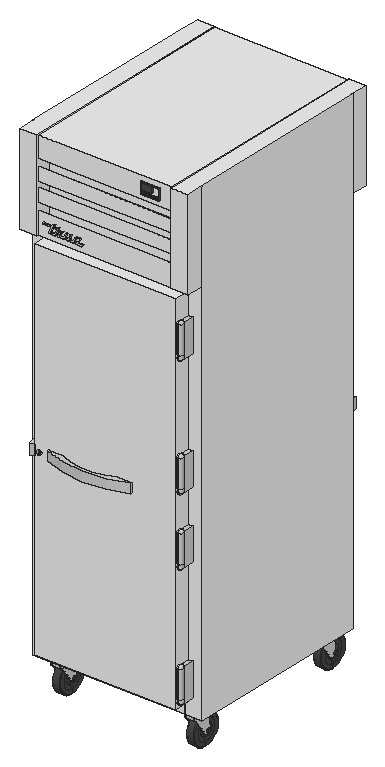
Revit family "QF_TRUE_STR1RPT-1S-1S-HC", category Specialty Equipment, Revit 2012
Parameters
  Weight in Pounds = 0
  Watts = Volts * FL Amps  # 437 W
  Volts = 115 V
  URL Manufacturer = "www.truemfg.com"
  URL Cutsheet = "www.truemfg.com"
  URL = "www.truemfg.com"
  Type Mark [instance] = ""
  Type Comments = "www.truemfg.com"
  Status [instance] = ""
  Specification by User [instance] = ""
  Specification by Manufacturer = ""
  Show Seismic Flanged [instance] = no
  Show Logo [instance] = yes
  Show Legs [instance] = no
  Show Clearance [instance] = yes
  Serial Number = ""
  Seismic Rating = ""
  Seismic Plate [instance] = and(Show Seismic Flanged, not(Show Casters))  # no
  SMACNA No = ""
  Revision Code [instance] = ""
  Phase = 1
  Omniclass Number and Title = ""
  Number of Poles [instance] = 1
  NAFEM Spec ID Number = ""
  Model = "STR1RPT-1S-1S-HC"
  Min Ckt Ampacity = 3.8 A
  Max Overcurrent Protection = 3.8 A
  MasterSpec. = ""
  Manufacturer = "TRUE FOOD SERVICE EQUIPMENT, INC."
  Length = 27 1/2"
  Legs [instance] = or(Show Legs, Show Seismic Flanged)  # no
  Item Number [instance] = ""
  Installed By [instance] = ""
  Identify Quantity as Lot [instance] = yes
  Height = 77 3/4"
  HP = "1/4"
  Furnished By [instance] = ""
  Foodservice Equipment Identifier [instance] = yes
  FL Amps = 3.8 A
  Electrical Remarks [instance] = ""
  Electric Connection Type [instance] = ""
  Elec Conn RI Height [instance] = 0"
  Elec Conn Connection Height [instance] = 0"
  Description = "PASS-THRU SOLID FRONT/SOLID REAR SWING DOORS REFRIGERATOR WITH HYDROCARBON REFRIGERANT"
  Depth = 36 1/8"
  Cycle = 60 Hz
  Conn Plug = "5-15P"
  Conn Conduit = yes
  Show Casters [instance] = and(not(if(Show Legs, Show Legs, Show Legs)), not(if(Show Legs, Show Legs, Show Seismic Flanged)))  # yes
  CSI MasterFormat = ""
  CSI Master Format = ""
  Apparent Power = if(Phase = 3, Volts * FL Amps * 1.73, Volts * FL Amps)  # 437 VA
Reference planes (in)
  plane 1: z = 0
  plane 2 "LEFT": x = 0
  plane 3 "RIGHT": x = 27.5
  plane 4 "FRONT": y = -33.75
  plane 5 "TOP": z = 84.125
  plane 6: z = 6.125
  plane 7: y = -33.7042
  plane 8: y = 2.375
  plane 9: y = 4.03125
  plane 10: y = -35.40625
Forms (in)
  Extrusion 1, solid, material "QF_Finishes_Chrome - Satin"
    sketch origin (0.05, 0, 0) x (1, 0, 0) y (0, 1, 0)
      loop
        line (-0.05, -0.375) -> (-0.05, -31) -> (2.80938, -31) -> (2.80938, -0.375) -> (-0.05, -0.375)
    from 6.125 to 84.125
  Extrusion 2, solid, material "QF_Finishes_Chrome - Satin"
    sketch origin (50.10312, 0, 0) x (1, 0, 0) y (0, 1, 0)
      loop
        line (-25.4625, -0.375) -> (-25.4625, -31) -> (-22.60312, -31) -> (-22.60312, -0.375) -> (-25.4625, -0.375)
    from 6.125 to 84.125
  Extrusion 3, solid, material "QF_Finishes_Chrome - Satin"
    sketch origin (0, 0, 0) x (0, 1, 0) y (0, 0, 1)
      loop
        line (-33.5625, 69.5) -> (-31, 69.5) -> (-31, 64.625) -> (-0.375, 64.625) -> (-0.375, 69.5) -> (2.1875, 69.5) -> (2.1875, 73.29302) -> (-0.15841, 71.625) -> (-0.15841, 72.90057) -> (2.1875, 74.56859) -> (2.1875, 76.6648) -> (-0.15841, 74.99678) -> (-0.15841, 75.95754) -> (2.1875, 77.62556) -> (2.1875, 79.75927) -> (-0.15841, 78.09125) -> (-0.15841, 79.21352) -> (2.1875, 80.88154) -> (2.1875, 84.125) -> (-33.5625, 84.125) -> (-33.5625, 80.68002) -> (-31.5, 79.21352) -> (-31.5, 78.09125) -> (-33.5625, 79.55776) -> (-33.5625, 77.42405) -> (-31.5, 75.95754) -> (-31.5, 74.99678) -> (-33.5625, 76.46328) -> (-33.5625, 74.36708) -> (-31.5, 72.90057) -> (-31.5, 71.625) -> (-33.5625, 73.09151) -> (-33.5625, 69.5)
      loop
        line (-31, 6.125) -> (-0.375, 6.125) -> (-0.375, 8.94743) -> (-31, 8.94743) -> (-31, 6.125)
    from 2.85938 to 24.64063
  Extrusion 4, solid, material "QF_Finishes_Chrome - Satin"
    sketch origin (0.10531, 0, 0) x (1, 0, 0) y (0, 1, 0)
      loop
        line (27.34782, -31) -> (24.53532, -31) -> (24.53532, -33.75) -> (27.34782, -33.75) -> (27.34782, -31)
    from 69.5 to 84.125
  Extrusion 5, solid, material "QF_Finishes_Chrome - Satin"
    sketch origin (-50.19421, 0, 0.25) x (1, 0, 0) y (0, 1, 0)
      loop
        line (53.05359, -31) -> (50.24109, -31) -> (50.24109, -33.75) -> (53.05359, -33.75) -> (53.05359, -31)
    from 69.25 to 83.875
  Extrusion 6, solid, material "QF_Finishes_Chrome - Satin"
    sketch origin (-25.125, 0, -0.71875) x (1, 0, 0) y (0, 0, 1)
      loop
        line (50.34375, 68.6875) -> (27.40625, 68.6875) -> (27.40625, 8.75) -> (50.34375, 8.75) -> (50.34375, 68.6875)
    from 31 to 33.5625
  Extrusion 7, solid, material "QF_Finishes_Handrails and Railings"
    sketch origin (58.4375, -0.0747, 26.3692) x (1, 0, 0) y (0, 1, 0)
      loop
        line (-53.875, -33.4878) -> (-53.875, -33.7)
        arc (-53.875, -33.7) -> (-47.075, -35.14405) -> (-40.275, -33.7) r 16.7325
        line (-40.275, -33.7) -> (-40.275, -33.4878) -> (-42.65351, -33.4878)
        arc (-42.65351, -33.4878) -> (-47.075, -34.65816) -> (-51.49649, -33.4878) r 8.93715
        line (-51.49649, -33.4878) -> (-53.875, -33.4878)
    from 10.87731 to 12.37731
  Extrusion 8, solid, material "QF_Finishes_Handrails and Railings"
    sketch origin (-23.375, 0, -2.25) x (1, 0, 0) y (0, 0, 1)
      loop
        circle (26.4375, 40.0625) r 0.35
      loop
        line (26.47265, 40.33635) -> (26.41715, 40.33635) -> (26.41715, 39.76895) -> (26.47265, 39.76895) -> (26.47265, 40.33635)
    from 33.5625 to 33.625
  Extrusion 9, solid, material "QF_Finishes_Handrails and Railings", visible <- "Show Logo"
    sketch origin (0.33478, 1.08173, -6.73143) x (1, 0, 0) y (0, 0, 1)
      loop
        line (3.46044, 78.46231) -> (3.35478, 78.23573) -> (4.76027, 78.23573)
        arc (4.76027, 78.23573) -> (4.78879, 78.18528) -> (4.76027, 78.13484) r 0.05887
        line (4.76027, 78.13484) -> (4.39369, 77.34872)
        arc (4.39369, 77.34872) -> (4.39051, 77.27591) -> (4.43975, 77.22217) r 0.09523
        line (4.43975, 77.22217) -> (5.33844, 77.22217)
        arc (5.33844, 77.22217) -> (5.45192, 77.25795) -> (5.52436, 77.35235) r 0.19785
        line (5.52436, 77.35235) -> (5.81285, 77.97101) -> (6.0779, 77.97101)
        arc (6.0779, 77.97101) -> (6.14744, 77.94543) -> (6.13737, 77.87203) r 0.05911
        line (6.13737, 77.87203) -> (5.89598, 77.35437)
        arc (5.89598, 77.35437) -> (5.89974, 77.2684) -> (5.97231, 77.22217) r 0.09318
        line (5.97231, 77.22217) -> (6.76198, 77.22217)
        arc (6.76198, 77.22217) -> (6.82249, 77.24419) -> (6.85468, 77.29995) r 0.09412
        arc (6.85468, 77.29995) -> (6.87746, 77.24495) -> (6.93246, 77.22217) r 0.07778
        line (6.93246, 77.22217) -> (7.43246, 77.22217)
        arc (7.43246, 77.22217) -> (7.49022, 77.23765) -> (7.53251, 77.27993) r 0.11552
        arc (7.53251, 77.27993) -> (7.55275, 77.23106) -> (7.60162, 77.21081) r 0.06912
        line (7.60162, 77.21081) -> (8.31225, 77.21081)
        arc (8.31225, 77.21081) -> (8.37034, 77.23488) -> (8.39441, 77.29297) r 0.08216
        arc (8.39441, 77.29297) -> (8.44767, 77.23972) -> (8.52042, 77.22022) r 0.14551
        line (8.52042, 77.22022) -> (9.85158, 77.22022) -> (9.99946, 77.47634) -> (8.65678, 77.47634)
        arc (8.65678, 77.47634) -> (8.61972, 77.50204) -> (8.61834, 77.54711) r 0.05009
        line (8.61834, 77.54711) -> (8.64157, 77.59692)
        arc (8.64157, 77.59692) -> (8.67723, 77.64364) -> (8.73327, 77.66135) r 0.09747
        line (8.73327, 77.66135) -> (9.16485, 77.66135)
        arc (9.16485, 77.66135) -> (9.258, 77.68631) -> (9.32619, 77.7545) r 0.1863
        line (9.32619, 77.7545) -> (9.45119, 77.97101)
        arc (9.45119, 77.97101) -> (9.45119, 78.08657) -> (9.35111, 78.14434) r 0.11556
        line (9.35111, 78.14434) -> (8.89562, 78.14434)
        arc (8.89562, 78.14434) -> (8.7795, 78.12462) -> (8.69849, 78.03912) r 0.18605
        line (8.69849, 78.03912) -> (8.48204, 77.57493)
        arc (8.48204, 77.57493) -> (8.41815, 77.49167) -> (8.31806, 77.46011) r 0.1745
        line (8.31806, 77.46011) -> (7.84559, 77.46011)
        arc (7.84559, 77.46011) -> (7.78903, 77.52184) -> (7.79268, 77.60548) r 0.10939
        line (7.79268, 77.60548) -> (8.04395, 78.14434) -> (7.88403, 78.14434) -> (7.61781, 77.57344)
        arc (7.61781, 77.57344) -> (7.56609, 77.50603) -> (7.48505, 77.48048) r 0.14128
        line (7.48505, 77.48048) -> (7.15925, 77.48048)
        arc (7.15925, 77.48048) -> (7.10419, 77.55223) -> (7.116, 77.64189) r 0.11816
        line (7.116, 77.64189) -> (7.3503, 78.14434) -> (7.18514, 78.14434) -> (6.91546, 77.566)
        arc (6.91546, 77.566) -> (6.85285, 77.50339) -> (6.76733, 77.48048) r 0.17104
        line (6.76733, 77.48048) -> (6.29555, 77.48048)
        arc (6.29555, 77.48048) -> (6.21082, 77.51999) -> (6.20267, 77.61313) r 0.0935
        line (6.20267, 77.61313) -> (6.35774, 77.94569) -> (6.57695, 77.94569)
        arc (6.57695, 77.94569) -> (6.61395, 78.05717) -> (6.69267, 78.14434) r 0.2857
        line (6.69267, 78.14434) -> (5.83605, 78.14434)
        arc (5.83605, 78.14434) -> (5.74086, 78.12324) -> (5.67498, 78.05135) r 0.16212
        line (5.67498, 78.05135) -> (5.44279, 77.55341)
        arc (5.44279, 77.55341) -> (5.3894, 77.50002) -> (5.31647, 77.48048) r 0.14586
        line (5.31647, 77.48048) -> (4.80506, 77.48048)
        arc (4.80506, 77.48048) -> (4.76514, 77.53442) -> (4.77274, 77.60109) r 0.09155
        line (4.77274, 77.60109) -> (5.11018, 78.23573) -> (5.96155, 78.23573) -> (6.06721, 78.46231) -> (5.21584, 78.46231) -> (5.32149, 78.68888) -> (5.01862, 78.68888) -> (4.91297, 78.46231) -> (3.46044, 78.46231)
      loop
        arc (8.83805, 77.93863) -> (8.80119, 77.92875) -> (8.7742, 77.90176) r 0.07373
        line (8.7742, 77.90176) -> (8.75229, 77.83436)
        arc (8.75229, 77.83436) -> (8.76245, 77.80983) -> (8.78699, 77.79966) r 0.0347
        line (8.78699, 77.79966) -> (9.15948, 77.79966)
        arc (9.15948, 77.79966) -> (9.18632, 77.80561) -> (9.20812, 77.82234) r 0.0635
        line (9.20812, 77.82234) -> (9.22624, 77.90622)
        arc (9.22624, 77.90622) -> (9.22091, 77.92868) -> (9.20009, 77.93863) r 0.02676
        line (9.20009, 77.93863) -> (8.83805, 77.93863)
    from 34.64423 to 34.83173
  Extrusion 10, solid
    sketch origin (-25.125, 2.60721, 0) x (1, 0, 0) y (0, 0, 1)
      loop
        circle (49.375, 82) r 0.25
    from 0.23221 to 0.125
  Blend 11, solid, material "QF_Finishes_Handrails and Railings"
    base sketch origin (27.53125, 0, -0.25) x (-1, 0, 0) y (0, 0, -1)
      loop
        line (25.25, -38.99169) -> (26, -38.99169) -> (26, -37.24169) -> (25.25, -37.24169) -> (25.25, -38.99169)
    top sketch origin (27.53125, 0, -0.25) x (-1, 0, 0) y (0, 0, -1)
      loop
        line (26.18223, -36.6441) -> (25.25, -36.6441) -> (25.25, -39.42643) -> (26.18223, -39.42643) -> (26.18223, -36.6441)
    from 33.5625 to 31
  Extrusion 12, solid, material "QF_Finishes_Handrails and Railings"
    sketch origin (26.21875, 0.10979, 0) x (0, 1, 0) y (0, 0, -1)
      loop
        line (-31.10979, -64.55229) -> (-31.10979, -59.23627) -> (-33.25, -59.23627) -> (-33.25, -59.94848) -> (-32.81497, -59.94848) -> (-32.81497, -64.34776)
        arc (-32.81497, -64.34776) -> (-32.75506, -64.49238) -> (-32.61044, -64.55229) r 0.20453
        line (-32.61044, -64.55229) -> (-31.10979, -64.55229)
    from 0.17506 to 1
  Revolve 13, solid, material "QF_Finishes_Handrails and Railings"
    sketch origin (25.71875, 0.10979, 0) x (0, 1, 0) y (0, 0, -1)
      loop
        line (-33.26563, -60.00189) -> (-33.67229, -60.00189) -> (-33.67229, -64.4736)
        arc (-33.67229, -64.4736) -> (-33.53722, -64.72557) -> (-33.26563, -64.81483) r 0.3848
        line (-33.26563, -64.81483) -> (-33.26563, -60.00189)
      loop
        line (-33.26563, -59.94848) -> (-33.26563, -59.04781)
        arc (-33.26563, -59.04781) -> (-33.53264, -59.13383) -> (-33.67229, -59.37712) r 0.38884
        line (-33.67229, -59.37712) -> (-33.67229, -59.94848) -> (-33.26563, -59.94848)
      axis (-33.26563, -59.04781) -> (-33.26563, -64.81483)
    angle from 0 to 360
  Extrusion 14, solid, material "QF_Finishes_Handrails and Railings"
    sketch origin (27.53125, 0.10979, 0) x (-1, 0, 0) y (0, 0, -1)
      loop
        line (1.91491, -64.4736) -> (2.3125, -64.4736) -> (2.3125, -60.00079) -> (1.91491, -60.00079) -> (1.91491, -64.4736)
    from 32.81497 to 33.59495
  Extrusion 15, solid, material "QF_Finishes_Handrails and Railings"
    sketch origin (26.21875, 0.10979, -19.5) x (0, 1, 0) y (0, 0, -1)
      loop
        line (-31.10979, -64.55229) -> (-31.10979, -59.23627) -> (-33.25, -59.23627) -> (-33.25, -59.94848) -> (-32.81497, -59.94848) -> (-32.81497, -64.34776)
        arc (-32.81497, -64.34776) -> (-32.75506, -64.49238) -> (-32.61044, -64.55229) r 0.20453
        line (-32.61044, -64.55229) -> (-31.10979, -64.55229)
    from 0.17506 to 1
  Revolve 16, solid, material "QF_Finishes_Handrails and Railings"
    sketch origin (25.71875, 0.10979, -19.5) x (0, 1, 0) y (0, 0, -1)
      loop
        line (-33.26563, -60.00189) -> (-33.67229, -60.00189) -> (-33.67229, -64.4736)
        arc (-33.67229, -64.4736) -> (-33.53722, -64.72557) -> (-33.26563, -64.81483) r 0.3848
        line (-33.26563, -64.81483) -> (-33.26563, -60.00189)
      loop
        line (-33.26563, -59.94848) -> (-33.26563, -59.04781)
        arc (-33.26563, -59.04781) -> (-33.53264, -59.13383) -> (-33.67229, -59.37712) r 0.38884
        line (-33.67229, -59.37712) -> (-33.67229, -59.94848) -> (-33.26563, -59.94848)
      axis (-33.26563, -59.04781) -> (-33.26563, -64.81483)
    angle from 0 to 360
  Extrusion 17, solid, material "QF_Finishes_Handrails and Railings"
    sketch origin (27.53125, 0.10979, -19.5) x (-1, 0, 0) y (0, 0, -1)
      loop
        line (1.91491, -64.4736) -> (2.3125, -64.4736) -> (2.3125, -60.00079) -> (1.91491, -60.00079) -> (1.91491, -64.4736)
    from 32.81497 to 33.59495
  Extrusion 18, solid, material "QF_Finishes_Handrails and Railings"
    sketch origin (26.21875, 0.10979, -30.5) x (0, 1, 0) y (0, 0, -1)
      loop
        line (-31.10979, -64.55229) -> (-31.10979, -59.23627) -> (-33.25, -59.23627) -> (-33.25, -59.94848) -> (-32.81497, -59.94848) -> (-32.81497, -64.34776)
        arc (-32.81497, -64.34776) -> (-32.75506, -64.49238) -> (-32.61044, -64.55229) r 0.20453
        line (-32.61044, -64.55229) -> (-31.10979, -64.55229)
    from 0.17506 to 1
  Revolve 19, solid, material "QF_Finishes_Handrails and Railings"
    sketch origin (25.71875, 0.10979, -30.5) x (0, 1, 0) y (0, 0, -1)
      loop
        line (-33.26563, -60.00189) -> (-33.67229, -60.00189) -> (-33.67229, -64.4736)
        arc (-33.67229, -64.4736) -> (-33.53722, -64.72557) -> (-33.26563, -64.81483) r 0.3848
        line (-33.26563, -64.81483) -> (-33.26563, -60.00189)
      loop
        line (-33.26563, -59.94848) -> (-33.26563, -59.04781)
        arc (-33.26563, -59.04781) -> (-33.53264, -59.13383) -> (-33.67229, -59.37712) r 0.38884
        line (-33.67229, -59.37712) -> (-33.67229, -59.94848) -> (-33.26563, -59.94848)
      axis (-33.26563, -59.04781) -> (-33.26563, -64.81483)
    angle from 0 to 360
  Extrusion 20, solid, material "QF_Finishes_Handrails and Railings"
    sketch origin (27.53125, 0.10979, -30.5) x (-1, 0, 0) y (0, 0, -1)
      loop
        line (1.91491, -64.4736) -> (2.3125, -64.4736) -> (2.3125, -60.00079) -> (1.91491, -60.00079) -> (1.91491, -64.4736)
    from 32.81497 to 33.59495
  Extrusion 21, solid, material "QF_Finishes_Handrails and Railings"
    sketch origin (26.21875, 0.10979, -50.25) x (0, 1, 0) y (0, 0, -1)
      loop
        line (-31.10979, -64.55229) -> (-31.10979, -59.19743) -> (-33.25, -59.19743) -> (-33.25, -59.94848) -> (-32.81497, -59.94848) -> (-32.81497, -64.34776)
        arc (-32.81497, -64.34776) -> (-32.75506, -64.49238) -> (-32.61044, -64.55229) r 0.20453
        line (-32.61044, -64.55229) -> (-31.10979, -64.55229)
    from 0.17506 to 1
  Revolve 22, solid, material "QF_Finishes_Handrails and Railings"
    sketch origin (25.71875, 0.10979, -50.25) x (0, 1, 0) y (0, 0, -1)
      loop
        line (-33.26563, -60.00189) -> (-33.67229, -60.00189) -> (-33.67229, -64.4736)
        arc (-33.67229, -64.4736) -> (-33.53722, -64.72557) -> (-33.26563, -64.81483) r 0.3848
        line (-33.26563, -64.81483) -> (-33.26563, -60.00189)
      loop
        line (-33.26563, -59.94848) -> (-33.26563, -59.04781)
        arc (-33.26563, -59.04781) -> (-33.53264, -59.13383) -> (-33.67229, -59.37712) r 0.38884
        line (-33.67229, -59.37712) -> (-33.67229, -59.94848) -> (-33.26563, -59.94848)
      axis (-33.26563, -59.04781) -> (-33.26563, -64.81483)
    angle from 0 to 360
  Extrusion 23, solid, material "QF_Finishes_Handrails and Railings"
    sketch origin (27.53125, 0.10979, -50.25) x (-1, 0, 0) y (0, 0, -1)
      loop
        line (1.91491, -64.4736) -> (2.3125, -64.4736) -> (2.3125, -60.00079) -> (1.91491, -60.00079) -> (1.91491, -64.4736)
    from 32.81497 to 33.59495
  Revolve 24, solid, material "QF_Finishes_Black", visible <- "Show Casters"
    sketch origin (22.65625, -27.375, 0) x (1, 0, 0) y (0, 0, 1)
      loop
        line (1.475, 5) -> (1.375, 4.9) -> (1.375, 4.29941) -> (1.53601, 4.29941) -> (1.53601, 3.54941) -> (1.375, 3.54941) -> (1.375, 2.79941) -> (0.975, 2.79941) -> (0.975, 2.5) -> (3.025, 2.5) -> (3.025, 2.79941) -> (2.62908, 2.79941) -> (2.62908, 3.54941) -> (2.46399, 3.54941) -> (2.46399, 4.29941) -> (2.62908, 4.29941) -> (2.62908, 4.89592) -> (2.525, 5) -> (1.475, 5)
      axis (3.025, 2.5) -> (0.975, 2.5)
    angle from 0 to 360
  Extrusion 25, solid, material "QF_Finishes_Handrails and Railings", visible <- "Show Casters"
    sketch origin (22.65625, 0, 0) x (0, 1, 0) y (0, 0, 1)
      loop
        line (-29.95136, 5.48574) -> (-29.95136, 4.88089) -> (-29.70136, 4.88089) -> (-27.95216, 2.18736)
        arc (-27.95216, 2.18736) -> (-27.23883, 1.94868) -> (-26.84581, 2.59003) r 0.60416
        line (-26.84581, 2.59003) -> (-27.20136, 5.48574) -> (-29.95136, 5.48574)
      loop
        line (-4.45145, 5.48574) -> (-4.45145, 4.88089) -> (-4.20145, 4.88089) -> (-2.45225, 2.18736)
        arc (-2.45225, 2.18736) -> (-1.73892, 1.94868) -> (-1.3459, 2.59003) r 0.60416
        line (-1.3459, 2.59003) -> (-1.70145, 5.48574) -> (-4.45145, 5.48574)
    from 1.175 to 1.325
  Extrusion 26, solid, material "QF_Finishes_Handrails and Railings", visible <- "Show Casters"
    sketch origin (24.15625, 0, 0) x (0, 1, 0) y (0, 0, 1)
      loop
        line (-29.95136, 5.48574) -> (-29.95136, 4.88089) -> (-29.70136, 4.88089) -> (-27.95216, 2.18736)
        arc (-27.95216, 2.18736) -> (-27.23883, 1.94868) -> (-26.84581, 2.59003) r 0.60416
        line (-26.84581, 2.59003) -> (-27.20136, 5.48574) -> (-29.95136, 5.48574)
      loop
        line (-4.45145, 5.48574) -> (-4.45145, 4.88089) -> (-4.20145, 4.88089) -> (-2.45225, 2.18736)
        arc (-2.45225, 2.18736) -> (-1.73892, 1.94868) -> (-1.3459, 2.59003) r 0.60416
        line (-1.3459, 2.59003) -> (-1.70145, 5.48574) -> (-4.45145, 5.48574)
    from 1.175 to 1.325
  Revolve 27, solid, material "QF_Finishes_Chrome - Satin", visible <- "Show Casters"
    sketch origin (22.65625, -28.5625, -0.5) x (1, 0, 0) y (0, 0, 1)
      loop
        line (2, 5.99546) -> (2, 6.62359) -> (0.70293, 6.62359) -> (0.70293, 5.99546) -> (2, 5.99546)
      axis (2, 5.99546) -> (2, 6.62359)
    angle from 0 to 360
  Revolve 28, solid, material "QF_Finishes_Chrome - Satin", visible <- "Legs"
    sketch origin (22.65625, -2.69102, 0) x (1, 0, 0) y (0, 0, 1)
      loop
        line (2, 6.125) -> (0.66662, 6.125) -> (1.25, 1) -> (1.5, 1) -> (1.5, 0) -> (2, 0) -> (2, 6.125)
      axis (2, 0) -> (2, 6.125)
    angle from 0 to 360
  Revolve 29, solid, material "QF_Finishes_Chrome - Satin", visible <- "Legs"
    sketch origin (22.65625, -28.65977, 0) x (1, 0, 0) y (0, 0, 1)
      loop
        line (2, 6.125) -> (0.66662, 6.125) -> (1.25, 1) -> (1.5, 1) -> (1.5, 0) -> (2, 0) -> (2, 6.125)
      axis (2, 0) -> (2, 6.125)
    angle from 0 to 360
  Revolve 30, solid, material "QF_Finishes_Chrome - Satin", visible <- "Show Casters"
    sketch origin (22.65625, -2.70321, -0.5) x (1, 0, 0) y (0, 0, 1)
      loop
        line (2, 5.99546) -> (2, 6.62359) -> (0.70293, 6.62359) -> (0.70293, 5.99546) -> (2, 5.99546)
      axis (2, 5.99546) -> (2, 6.62359)
    angle from 0 to 360
  Extrusion 31, solid, material "QF_Finishes_Handrails and Railings", visible <- "Show Casters"
    sketch origin (-25.125, 0, 0) x (0, 1, 0) y (0, 0, 1)
      loop
        line (-29.95136, 5.48574) -> (-29.95136, 4.88089) -> (-29.70136, 4.88089) -> (-27.16533, 5.19227) -> (-27.20136, 5.48574) -> (-29.95136, 5.48574)
      loop
        line (-4.45145, 5.48574) -> (-4.45145, 4.88089) -> (-4.20145, 4.88089) -> (-1.66542, 5.19227) -> (-1.70145, 5.48574) -> (-4.45145, 5.48574)
    from 49.10625 to 50.45625
  Revolve 32, solid, material "QF_Finishes_Black", visible <- "Show Casters"
    sketch origin (0.84375, -27.375, 0) x (1, 0, 0) y (0, 0, 1)
      loop
        line (1.475, 5) -> (1.375, 4.9) -> (1.375, 4.29941) -> (1.53601, 4.29941) -> (1.53601, 3.54941) -> (1.375, 3.54941) -> (1.375, 2.79941) -> (0.975, 2.79941) -> (0.975, 2.5) -> (3.025, 2.5) -> (3.025, 2.79941) -> (2.62908, 2.79941) -> (2.62908, 3.54941) -> (2.46399, 3.54941) -> (2.46399, 4.29941) -> (2.62908, 4.29941) -> (2.62908, 4.89592) -> (2.525, 5) -> (1.475, 5)
      axis (3.025, 2.5) -> (0.975, 2.5)
    angle from 0 to 360
  Extrusion 33, solid, material "QF_Finishes_Handrails and Railings", visible <- "Show Casters"
    sketch origin (0.84375, 0, 0) x (0, 1, 0) y (0, 0, 1)
      loop
        line (-29.95136, 5.48574) -> (-29.95136, 4.88089) -> (-29.70136, 4.88089) -> (-27.95216, 2.18736)
        arc (-27.95216, 2.18736) -> (-27.23883, 1.94868) -> (-26.84581, 2.59003) r 0.60416
        line (-26.84581, 2.59003) -> (-27.20136, 5.48574) -> (-29.95136, 5.48574)
      loop
        line (-4.45145, 5.48574) -> (-4.45145, 4.88089) -> (-4.20145, 4.88089) -> (-2.45225, 2.18736)
        arc (-2.45225, 2.18736) -> (-1.73892, 1.94868) -> (-1.3459, 2.59003) r 0.60416
        line (-1.3459, 2.59003) -> (-1.70145, 5.48574) -> (-4.45145, 5.48574)
    from 1.175 to 1.325
  Extrusion 34, solid, material "QF_Finishes_Handrails and Railings", visible <- "Show Casters"
    sketch origin (2.34375, 0, 0) x (0, 1, 0) y (0, 0, 1)
      loop
        line (-29.95136, 5.48574) -> (-29.95136, 4.88089) -> (-29.70136, 4.88089) -> (-27.95216, 2.18736)
        arc (-27.95216, 2.18736) -> (-27.23883, 1.94868) -> (-26.84581, 2.59003) r 0.60416
        line (-26.84581, 2.59003) -> (-27.20136, 5.48574) -> (-29.95136, 5.48574)
      loop
        line (-4.45145, 5.48574) -> (-4.45145, 4.88089) -> (-4.20145, 4.88089) -> (-2.45225, 2.18736)
        arc (-2.45225, 2.18736) -> (-1.73892, 1.94868) -> (-1.3459, 2.59003) r 0.60416
        line (-1.3459, 2.59003) -> (-1.70145, 5.48574) -> (-4.45145, 5.48574)
    from 1.175 to 1.325
  Revolve 35, solid, material "QF_Finishes_Chrome - Satin", visible <- "Show Casters"
    sketch origin (0.84375, -28.5625, -0.5) x (1, 0, 0) y (0, 0, 1)
      loop
        line (2, 5.99546) -> (2, 6.62359) -> (0.70293, 6.62359) -> (0.70293, 5.99546) -> (2, 5.99546)
      axis (2, 5.99546) -> (2, 6.62359)
    angle from 0 to 360
  Revolve 36, solid, material "QF_Finishes_Chrome - Satin", visible <- "Legs"
    sketch origin (0.84375, -2.69102, 0) x (1, 0, 0) y (0, 0, 1)
      loop
        line (2, 6.125) -> (0.66662, 6.125) -> (1.25, 1) -> (1.5, 1) -> (1.5, 0) -> (2, 0) -> (2, 6.125)
      axis (2, 0) -> (2, 6.125)
    angle from 0 to 360
  Revolve 37, solid, material "QF_Finishes_Chrome - Satin", visible <- "Legs"
    sketch origin (0.84375, -28.65977, 0) x (1, 0, 0) y (0, 0, 1)
      loop
        line (2, 6.125) -> (0.66662, 6.125) -> (1.25, 1) -> (1.5, 1) -> (1.5, 0) -> (2, 0) -> (2, 6.125)
      axis (2, 0) -> (2, 6.125)
    angle from 0 to 360
  Revolve 38, solid, material "QF_Finishes_Chrome - Satin", visible <- "Show Casters"
    sketch origin (0.84375, -2.70321, -0.5) x (1, 0, 0) y (0, 0, 1)
      loop
        line (2, 5.99546) -> (2, 6.62359) -> (0.70293, 6.62359) -> (0.70293, 5.99546) -> (2, 5.99546)
      axis (2, 5.99546) -> (2, 6.62359)
    angle from 0 to 360
  Extrusion 39, solid, material "QF_Finishes_Handrails and Railings", visible <- "Show Casters"
    sketch origin (-46.9375, 0, 0) x (0, 1, 0) y (0, 0, 1)
      loop
        line (-29.95136, 5.48574) -> (-29.95136, 4.88089) -> (-29.70136, 4.88089) -> (-27.16533, 5.19227) -> (-27.20136, 5.48574) -> (-29.95136, 5.48574)
      loop
        line (-4.45145, 5.48574) -> (-4.45145, 4.88089) -> (-4.20145, 4.88089) -> (-1.66542, 5.19227) -> (-1.70145, 5.48574) -> (-4.45145, 5.48574)
    from 49.10625 to 50.45625
  Extrusion 40, solid, material "QF_Finishes_Chrome - Satin"
    sketch origin (-25.125, -31.7042, -0.71875) x (1, 0, 0) y (0, 0, -1)
      loop
        line (27.40625, -68.6875) -> (50.34375, -68.6875) -> (50.34375, -8.75) -> (27.40625, -8.75) -> (27.40625, -68.6875)
    from 31.3292 to 33.8917
  Extrusion 41, solid, material "QF_Finishes_Chrome - Satin"
    sketch origin (0.10531, -31.3292, 0) x (1, 0, 0) y (0, 1, 0)
      loop
        line (27.34782, 30.9542) -> (27.34782, 33.7042) -> (24.53532, 33.7042) -> (24.53532, 30.9542) -> (27.34782, 30.9542)
    from 69.5 to 84.125
  Extrusion 42, solid, material "QF_Finishes_Chrome - Satin"
    sketch origin (-50.19421, -31.3292, 0.25) x (1, 0, 0) y (0, 1, 0)
      loop
        line (53.05359, 30.625) -> (53.05359, 33.7042) -> (50.24109, 33.7042) -> (50.24109, 30.625) -> (53.05359, 30.625)
    from 69.25 to 83.875
  Extrusion 43, solid, material "QF_Finishes_Handrails and Railings"
    sketch origin (1.28125, -31.10979, 0) x (0, -1, 0) y (0, 0, -1)
      loop
        line (-30.73479, -64.55229) -> (-30.73479, -59.23627) -> (-32.875, -59.23627) -> (-32.875, -59.94848) -> (-32.43997, -59.94848) -> (-32.43997, -64.34776)
        arc (-32.43997, -64.34776) -> (-32.38006, -64.49238) -> (-32.23544, -64.55229) r 0.20453
        line (-32.23544, -64.55229) -> (-30.73479, -64.55229)
    from 0.17506 to 1
  Revolve 44, solid, material "QF_Finishes_Handrails and Railings"
    sketch origin (1.78125, -31.10979, 0) x (0, -1, 0) y (0, 0, -1)
      loop
        line (-32.89063, -60.00189) -> (-33.29729, -60.00189) -> (-33.29729, -64.4736)
        arc (-33.29729, -64.4736) -> (-33.16222, -64.72557) -> (-32.89063, -64.81483) r 0.3848
        line (-32.89063, -64.81483) -> (-32.89063, -60.00189)
      loop
        line (-32.89063, -59.94848) -> (-32.89063, -59.04781)
        arc (-32.89063, -59.04781) -> (-33.15764, -59.13383) -> (-33.29729, -59.37712) r 0.38884
        line (-33.29729, -59.37712) -> (-33.29729, -59.94848) -> (-32.89063, -59.94848)
      axis (-32.89063, -59.04781) -> (-32.89063, -64.81483)
    angle from 0 to 360
  Extrusion 45, solid, material "QF_Finishes_Handrails and Railings"
    sketch origin (-0.03125, -31.40745, 0) x (1, 0, 0) y (0, 0, -1)
      loop
        line (1.91491, -64.4736) -> (2.3125, -64.4736) -> (2.3125, -60.00079) -> (1.91491, -60.00079) -> (1.91491, -64.4736)
    from 32.81497 to 33.59495
  Extrusion 46, solid, material "QF_Finishes_Handrails and Railings"
    sketch origin (1.28125, -31.10979, -19.5) x (0, -1, 0) y (0, 0, -1)
      loop
        line (-30.73479, -64.55229) -> (-30.73479, -59.23627) -> (-32.875, -59.23627) -> (-32.875, -59.94848) -> (-32.43997, -59.94848) -> (-32.43997, -64.34776)
        arc (-32.43997, -64.34776) -> (-32.38006, -64.49238) -> (-32.23544, -64.55229) r 0.20453
        line (-32.23544, -64.55229) -> (-30.73479, -64.55229)
    from 0.17506 to 1
  Revolve 47, solid, material "QF_Finishes_Handrails and Railings"
    sketch origin (1.78125, -31.10979, -19.5) x (0, -1, 0) y (0, 0, -1)
      loop
        line (-32.89063, -60.00189) -> (-33.29729, -60.00189) -> (-33.29729, -64.4736)
        arc (-33.29729, -64.4736) -> (-33.16222, -64.72557) -> (-32.89063, -64.81483) r 0.3848
        line (-32.89063, -64.81483) -> (-32.89063, -60.00189)
      loop
        line (-32.89063, -59.94848) -> (-32.89063, -59.04781)
        arc (-32.89063, -59.04781) -> (-33.15764, -59.13383) -> (-33.29729, -59.37712) r 0.38884
        line (-33.29729, -59.37712) -> (-33.29729, -59.94848) -> (-32.89063, -59.94848)
      axis (-32.89063, -59.04781) -> (-32.89063, -64.81483)
    angle from 0 to 360
  Extrusion 48, solid, material "QF_Finishes_Handrails and Railings"
    sketch origin (-0.03125, -31.40745, -19.5) x (1, 0, 0) y (0, 0, -1)
      loop
        line (1.91491, -64.4736) -> (2.3125, -64.4736) -> (2.3125, -60.00079) -> (1.91491, -60.00079) -> (1.91491, -64.4736)
    from 32.81497 to 33.59495
  Extrusion 49, solid, material "QF_Finishes_Handrails and Railings"
    sketch origin (1.28125, -31.10979, -30.5) x (0, -1, 0) y (0, 0, -1)
      loop
        line (-30.73479, -64.55229) -> (-30.73479, -59.23627) -> (-32.875, -59.23627) -> (-32.875, -59.94848) -> (-32.43997, -59.94848) -> (-32.43997, -64.34776)
        arc (-32.43997, -64.34776) -> (-32.38006, -64.49238) -> (-32.23544, -64.55229) r 0.20453
        line (-32.23544, -64.55229) -> (-30.73479, -64.55229)
    from 0.17506 to 1
  Revolve 50, solid, material "QF_Finishes_Handrails and Railings"
    sketch origin (1.78125, -31.10979, -30.5) x (0, -1, 0) y (0, 0, -1)
      loop
        line (-32.89063, -60.00189) -> (-33.29729, -60.00189) -> (-33.29729, -64.4736)
        arc (-33.29729, -64.4736) -> (-33.16222, -64.72557) -> (-32.89063, -64.81483) r 0.3848
        line (-32.89063, -64.81483) -> (-32.89063, -60.00189)
      loop
        line (-32.89063, -59.94848) -> (-32.89063, -59.04781)
        arc (-32.89063, -59.04781) -> (-33.15764, -59.13383) -> (-33.29729, -59.37712) r 0.38884
        line (-33.29729, -59.37712) -> (-33.29729, -59.94848) -> (-32.89063, -59.94848)
      axis (-32.89063, -59.04781) -> (-32.89063, -64.81483)
    angle from 0 to 360
  Extrusion 51, solid, material "QF_Finishes_Handrails and Railings"
    sketch origin (-0.03125, -31.40745, -30.5) x (1, 0, 0) y (0, 0, -1)
      loop
        line (1.91491, -64.4736) -> (2.3125, -64.4736) -> (2.3125, -60.00079) -> (1.91491, -60.00079) -> (1.91491, -64.4736)
    from 32.81497 to 33.59495
  Extrusion 52, solid, material "QF_Finishes_Handrails and Railings"
    sketch origin (1.28125, -31.10979, -50.25) x (0, -1, 0) y (0, 0, -1)
      loop
        line (-30.73479, -64.55229) -> (-30.73479, -59.23627) -> (-32.875, -59.23627) -> (-32.875, -59.94848) -> (-32.43997, -59.94848) -> (-32.43997, -64.34776)
        arc (-32.43997, -64.34776) -> (-32.38006, -64.49238) -> (-32.23544, -64.55229) r 0.20453
        line (-32.23544, -64.55229) -> (-30.73479, -64.55229)
    from 0.17506 to 1
  Revolve 53, solid, material "QF_Finishes_Handrails and Railings"
    sketch origin (1.78125, -31.10979, -50.25) x (0, -1, 0) y (0, 0, -1)
      loop
        line (-32.89063, -60.00189) -> (-33.29729, -60.00189) -> (-33.29729, -64.4736)
        arc (-33.29729, -64.4736) -> (-33.16222, -64.72557) -> (-32.89063, -64.81483) r 0.3848
        line (-32.89063, -64.81483) -> (-32.89063, -60.00189)
      loop
        line (-32.89063, -59.94848) -> (-32.89063, -59.04781)
        arc (-32.89063, -59.04781) -> (-33.15764, -59.13383) -> (-33.29729, -59.37712) r 0.38884
        line (-33.29729, -59.37712) -> (-33.29729, -59.94848) -> (-32.89063, -59.94848)
      axis (-32.89063, -59.04781) -> (-32.89063, -64.81483)
    angle from 0 to 360
  Extrusion 54, solid, material "QF_Finishes_Handrails and Railings"
    sketch origin (-0.03125, -31.40745, -50.25) x (1, 0, 0) y (0, 0, -1)
      loop
        line (1.91491, -64.4736) -> (2.3125, -64.4736) -> (2.3125, -60.00079) -> (1.91491, -60.00079) -> (1.91491, -64.4736)
    from 32.81497 to 33.59495
  Extrusion 55, solid, material "QF_Finishes_Handrails and Railings"
    sketch origin (-25.125, 2.1875, -0.71875) x (1, 0, 0) y (0, 0, -1)
      loop
        circle (49.53125, -38.09375) r 0.35
      loop
        line (49.4961, -38.36761) -> (49.5516, -38.36761) -> (49.5516, -37.8002) -> (49.4961, -37.8002) -> (49.4961, -38.36761)
    from 0 to 0.0625
  Blend 56, solid, material "QF_Finishes_Handrails and Railings"
    base sketch origin (-0.03125, -31.375, -0.6875) x (1, 0, 0) y (0, 0, -1)
      loop
        line (25.25, -38.99169) -> (26, -38.99169) -> (26, -37.24169) -> (25.25, -37.24169) -> (25.25, -38.99169)
    top sketch origin (-0.03125, -31.375, -0.6875) x (1, 0, 0) y (0, 0, -1)
      loop
        line (26.18223, -36.6441) -> (25.25, -36.6441) -> (25.25, -39.42643) -> (26.18223, -39.42643) -> (26.18223, -36.6441)
    from 33.5625 to 31
  Extrusion 57, solid, material "QF_Finishes_White"
    sketch origin (-23.16691, 1.06376, 1.58022) x (1, 0, 0) y (0, 0, 1)
      loop
        line (42.91107, 81.73227) -> (42.91107, 79.98496) -> (45.81732, 79.98496) -> (45.81732, 81.73227) -> (42.91107, 81.73227)
    from 34.62626 to 34.72001
  Extrusion 58, solid, material "QF_Finishes_Black"
    sketch origin (-23.16691, 1.06376, 1.58022) x (1, 0, 0) y (0, 0, 1)
      loop
        line (45.87982, 81.79477) -> (42.84857, 81.79477) -> (42.84857, 79.92246) -> (45.87982, 79.92246) -> (45.87982, 81.79477)
      loop
        spline (43.04857, 80.25372) -> (43.05708, 80.23754) -> (43.08206, 80.22247) -> (43.12179, 80.20952) -> (43.17357, 80.19959) -> (43.23386, 80.19335) -> (43.29857, 80.19122) -> (43.36327, 80.19335) -> (43.42357, 80.19959) -> (43.47534, 80.20952) -> (43.51507, 80.22247) -> (43.54005, 80.23754) -> (43.54857, 80.25372)
        spline (43.54857, 80.25372) -> (43.54005, 80.26989) -> (43.51507, 80.28497) -> (43.47534, 80.29791) -> (43.42357, 80.30784) -> (43.36327, 80.31409) -> (43.29857, 80.31622) -> (43.23386, 80.31409) -> (43.17357, 80.30784) -> (43.12179, 80.29791) -> (43.08206, 80.28497) -> (43.05708, 80.26989) -> (43.04857, 80.25372)
      loop
        spline (43.74458, 80.25372) -> (43.7531, 80.23754) -> (43.77807, 80.22247) -> (43.8178, 80.20952) -> (43.86958, 80.19959) -> (43.92987, 80.19335) -> (43.99458, 80.19122) -> (44.05928, 80.19335) -> (44.11958, 80.19959) -> (44.17136, 80.20952) -> (44.21109, 80.22247) -> (44.23606, 80.23754) -> (44.24458, 80.25372)
        spline (44.24458, 80.25372) -> (44.23606, 80.26989) -> (44.21109, 80.28497) -> (44.17136, 80.29791) -> (44.11958, 80.30784) -> (44.05928, 80.31409) -> (43.99458, 80.31622) -> (43.92987, 80.31409) -> (43.86958, 80.30784) -> (43.8178, 80.29791) -> (43.77807, 80.28497) -> (43.7531, 80.26989) -> (43.74458, 80.25372)
      loop
        spline (44.49458, 80.25372) -> (44.5031, 80.23754) -> (44.52807, 80.22247) -> (44.5678, 80.20952) -> (44.61958, 80.19959) -> (44.67987, 80.19335) -> (44.74458, 80.19122) -> (44.80928, 80.19335) -> (44.86958, 80.19959) -> (44.92136, 80.20952) -> (44.96109, 80.22247) -> (44.98606, 80.23754) -> (44.99458, 80.25372)
        spline (44.99458, 80.25372) -> (44.98606, 80.26989) -> (44.96109, 80.28497) -> (44.92136, 80.29791) -> (44.86958, 80.30784) -> (44.80928, 80.31409) -> (44.74458, 80.31622) -> (44.67987, 80.31409) -> (44.61958, 80.30784) -> (44.5678, 80.29791) -> (44.52807, 80.28497) -> (44.5031, 80.26989) -> (44.49458, 80.25372)
      loop
        line (43.04856, 81.59478) -> (43.04856, 80.59478) -> (44.74808, 80.59478) -> (44.74808, 81.59478) -> (43.04856, 81.59478)
      loop
        line (45.81732, 81.73227) -> (42.91107, 81.73227) -> (42.91107, 79.98496) -> (45.81732, 79.98496) -> (45.81732, 81.73227)
      loop
        spline (45.24458, 80.25372) -> (45.2531, 80.23754) -> (45.27807, 80.22247) -> (45.3178, 80.20952) -> (45.36958, 80.19959) -> (45.42987, 80.19335) -> (45.49458, 80.19122) -> (45.55928, 80.19335) -> (45.61958, 80.19959) -> (45.67136, 80.20952) -> (45.71109, 80.22247) -> (45.73606, 80.23754) -> (45.74458, 80.25372)
        spline (45.74458, 80.25372) -> (45.73606, 80.26989) -> (45.71109, 80.28497) -> (45.67136, 80.29791) -> (45.61958, 80.30784) -> (45.55928, 80.31409) -> (45.49458, 80.31622) -> (45.42987, 80.31409) -> (45.36958, 80.30784) -> (45.3178, 80.29791) -> (45.27807, 80.28497) -> (45.2531, 80.26989) -> (45.24458, 80.25372)
    from 34.62626 to 34.81376
  Revolve 59, solid, material "QF_Finishes_Black", visible <- "Show Casters"
    sketch origin (22.65625, -1.50009, 0) x (1, 0, 0) y (0, 0, 1)
      loop
        line (1.475, 5) -> (1.375, 4.9) -> (1.375, 4.29941) -> (1.53601, 4.29941) -> (1.53601, 3.54941) -> (1.375, 3.54941) -> (1.375, 2.79941) -> (0.975, 2.79941) -> (0.975, 2.5) -> (3.025, 2.5) -> (3.025, 2.79941) -> (2.62908, 2.79941) -> (2.62908, 3.54941) -> (2.46399, 3.54941) -> (2.46399, 4.29941) -> (2.62908, 4.29941) -> (2.62908, 4.89592) -> (2.525, 5) -> (1.475, 5)
      axis (3.025, 2.5) -> (0.975, 2.5)
    angle from 0 to 360
  Revolve 60, solid, material "QF_Finishes_Black", visible <- "Show Casters"
    sketch origin (0.84375, -1.50009, 0) x (1, 0, 0) y (0, 0, 1)
      loop
        line (1.475, 5) -> (1.375, 4.9) -> (1.375, 4.29941) -> (1.53601, 4.29941) -> (1.53601, 3.54941) -> (1.375, 3.54941) -> (1.375, 2.79941) -> (0.975, 2.79941) -> (0.975, 2.5) -> (3.025, 2.5) -> (3.025, 2.79941) -> (2.62908, 2.79941) -> (2.62908, 3.54941) -> (2.46399, 3.54941) -> (2.46399, 4.29941) -> (2.62908, 4.29941) -> (2.62908, 4.89592) -> (2.525, 5) -> (1.475, 5)
      axis (3.025, 2.5) -> (0.975, 2.5)
    angle from 0 to 360
  Extrusion 61, solid, material "QF_Door-Drawer Clearances", visible <- "Show Clearance", detail levels coarse
    sketch origin (26.42841, -3.60924, 0) x (1, 0, 0) y (0, 1, 0)
      loop
        line (-1.20966, -29.95326) -> (-24.14724, -29.95326)
        arc (-24.14724, -29.95326) -> (-17.45939, -46.23039) -> (-1.20966, -52.98451) r 22.94703
        line (-1.20966, -52.98451) -> (-1.20966, -29.95326)
      loop
        line (-24.14716, 5.79674) -> (-1.20958, 5.79674)
        arc (-1.20958, 5.79674) -> (-7.89743, 22.07386) -> (-24.14716, 28.82799) r 22.94703
        line (-24.14716, 28.82799) -> (-24.14716, 5.79674)
    from 8.03125 to 67.96875
  Extrusion 62, solid, material "QF_Finishes_Chrome - Satin", visible <- "Seismic Plate"
    sketch origin (-0.22541, -26.86834, 0) x (1, 0, 0) y (0, 1, 0)
      loop
        circle (3.06916, -1.69416) r 1.5
    from 0 to 0.25
  Extrusion 63, solid, material "QF_Finishes_Chrome - Satin", visible <- "Seismic Plate"
    sketch origin (-0.22541, -0.99687, 0) x (1, 0, 0) y (0, 1, 0)
      loop
        circle (3.06916, -1.69416) r 1.5
    from 0 to 0.25
  Extrusion 64, solid, material "QF_Finishes_Chrome - Satin", visible <- "Seismic Plate"
    sketch origin (21.49334, -0.99687, 0) x (1, 0, 0) y (0, 1, 0)
      loop
        circle (3.16291, -1.69416) r 1.5
    from 0 to 0.25
  Extrusion 65, solid, material "QF_Finishes_Chrome - Satin", visible <- "Seismic Plate"
    sketch origin (21.49334, -26.86834, 0) x (1, 0, 0) y (0, 1, 0)
      loop
        circle (3.16291, -1.69416) r 1.5
    from 0 to 0.25
  Extrusion 66, solid, material "QF_Finishes_Handrails and Railings"
    sketch origin (-30.9375, -31.30031, 25.8067) x (-1, 0, 0) y (0, -1, 0)
      loop
        line (-53.875, -33.4878) -> (-53.875, -33.7)
        arc (-53.875, -33.7) -> (-47.075, -35.33157) -> (-40.275, -33.7) r 14.9862
        line (-40.275, -33.7) -> (-40.275, -33.4878) -> (-42.65351, -33.4878)
        arc (-42.65351, -33.4878) -> (-47.075, -34.82115) -> (-51.49649, -33.4878) r 7.99769
        line (-51.49649, -33.4878) -> (-53.875, -33.4878)
    from 10.87731 to 12.37731
Cuts and joins
  joined: Extrusion 1, Extrusion 2, Extrusion 4, Extrusion 5, Extrusion 41, Extrusion 42
Lines and regions (in)
  symbolic lines
    curve 1: line (0, -0.375, 0) -> (27.5, -0.375, 0)
    curve 2: line (0, -33.5625, 0) -> (0, 2.375, 0)
    curve 3: line (27.5, -33.5625, 0) -> (0, -33.5625, 0)
    curve 4: line (27.5, 2.375, 0) -> (27.5, -33.5625, 0)
    curve 5: line (27.5, -31, 0) -> (0, -31, 0)
    curve 23: line (23.5625, 2.5625, 0) -> (23.5625, 3.84375, 0)
    curve 24: line (23.5625, 3.84375, 0) -> (25.0625, 3.84375, 0)
    curve 25: line (25.0625, 3.84375, 0) -> (25.0625, 2.375, 0)
    curve 27: line (0, 2.375, 0) -> (27.5, 2.375, 0)
    curve 28: line (3.68957, -33.5625, 0) -> (3.68957, -33.75, 0)
    curve 29: line (3.68957, -33.75, 0) -> (10.33424, -33.75, 0)
    curve 30: line (10.33424, -33.75, 0) -> (10.33424, -33.5625, 0)
    curve 31: line (19.68165, -33.5625, 0) -> (19.68165, -33.75, 0)
    curve 32: line (19.68165, -33.75, 0) -> (22.7129, -33.75, 0)
    curve 33: line (22.7129, -33.75, 0) -> (22.7129, -33.5625, 0)
    curve 34: arc (4.50725, -33.75, 0) -> (11.33224, -35.21872, 0) -> (18.1625, -33.7747, 0) r 16.7325
    curve 35: arc (15.78399, -33.5625, 0) -> (11.59646, -34.73076, 0) -> (7.3611, -33.75, 0) r 8.79261
    curve 36: line (18.1625, -33.7747, 0) -> (18.1625, -33.5625, 0)
    curve 37: line (23.81043, 2.375, 0) -> (23.81043, 2.5625, 0)
    curve 38: line (23.81043, 2.5625, 0) -> (17.16576, 2.5625, 0)
    curve 39: line (17.16576, 2.5625, 0) -> (17.16576, 2.375, 0)
    curve 42: arc (22.9375, 2.39969, 0) -> (16.1375, 4.03126, 0) -> (9.3375, 2.39969, 0) r 14.9862
    curve 43: arc (12.01254, 2.375, 0) -> (16.1375, 3.52085, 0) -> (20.26246, 2.375, 0) r 7.99769
    curve 44: line (9.3375, 2.39969, 0) -> (9.3375, 2.375, 0)
    curve 45: line (22.9375, 2.375, 0) -> (22.9375, 2.39969, 0)
  symbolic lines, style "SpecialityEquipmentHiddenLines", visible <- "Show Casters"
    curve 6: line (3.91409, -24.76035, 0) -> (5.00001, -25.3873, 0)
    curve 7: line (1.41409, -29.09048, 0) -> (3.91409, -24.76035, 0)
    curve 8: line (2.50001, -29.71743, 0) -> (1.41409, -29.09048, 0)
    curve 9: line (5.00001, -25.3873, 0) -> (2.50001, -29.71743, 0)
    curve 10: line (3.91409, -0.76035, 0) -> (5.00001, -1.3873, 0)
    curve 11: line (1.41409, -5.09048, 0) -> (3.91409, -0.76035, 0)
    curve 12: line (2.50001, -5.71743, 0) -> (1.41409, -5.09048, 0)
    curve 13: line (5.00001, -1.3873, 0) -> (2.50001, -5.71743, 0)
    curve 14: line (24.82156, -0.76035, 0) -> (25.90747, -1.3873, 0)
    curve 15: line (22.32156, -5.09048, 0) -> (24.82156, -0.76035, 0)
    curve 16: line (23.40747, -5.71743, 0) -> (22.32156, -5.09048, 0)
    curve 17: line (25.90747, -1.3873, 0) -> (23.40747, -5.71743, 0)
    curve 18: line (24.82156, -24.86443, 0) -> (25.90747, -25.49138, 0)
    curve 19: line (22.32156, -29.19455, 0) -> (24.82156, -24.86443, 0)
    curve 20: line (23.40747, -29.82151, 0) -> (22.32156, -29.19455, 0)
    curve 21: line (25.90747, -25.49138, 0) -> (23.40747, -29.82151, 0)
  symbolic lines, style "QF_Door-Drawer Clearances"
    curve 22: line (25.21875, -33.5625, 0) -> (5.31336, -45.04722, 0)
    curve 26: line (2.28125, 2.375, 0) -> (22.09282, 13.83456, 0)
    curve 40: arc (5.31336, -45.04722, 0) -> (3.04127, -39.50446, 0) -> (2.28117, -33.5625, 0) r 22.94703
    curve 41: arc (22.09282, 13.83456, 0) -> (24.41013, 8.31055, 0) -> (25.21875, 2.375, 0) r 22.94703
Dimensions and locks (in)
  plane 6 to level = 6 1/8"
  plane 5 "TOP" to level = 84 1/8"
  plane 5 "TOP" to plane 6 = 78"
  "Length": plane 2 "LEFT" to plane 3 "RIGHT"
  "Depth": plane 4 "FRONT" to plane 8
  plane 3 "RIGHT" to plane 2 "LEFT" = 27 1/2"
  cut or joined group of Extrusion 1, Extrusion 2, Extrusion 4, Extrusion 5, Extrusion 41, Extrusion 42 to cut or joined group of Extrusion 1, Extrusion 2, Extrusion 4, Extrusion 5, Extrusion 41, Extrusion 42 = 2 13/16"  (x2)
  Extrusion 6 to plane 2 "LEFT" = 2 9/32"
  plane 3 "RIGHT" to Extrusion 6 = 2 9/32"
  Extrusion 6 to plane 6 = 1 29/32"
  Extrusion 3 to Extrusion 6 = 1 17/32"
  Extrusion 6 to Extrusion 6 = 22 15/16"
  cut or joined group of Extrusion 1, Extrusion 2, Extrusion 4, Extrusion 5, Extrusion 41, Extrusion 42 to cut or joined group of Extrusion 1, Extrusion 2, Extrusion 4, Extrusion 5, Extrusion 41, Extrusion 42 = 27 13/32"
  Extrusion 6 to Extrusion 7 = 29.22224"
  Extrusion 7 to Extrusion 6 = 29.21526"
  plane 4 "FRONT" to plane 8 = 36 1/8"
  cut or joined group of Extrusion 1, Extrusion 2, Extrusion 4, Extrusion 5, Extrusion 41, Extrusion 42 to cut or joined group of Extrusion 1, Extrusion 2, Extrusion 4, Extrusion 5, Extrusion 41, Extrusion 42 = 30 5/8"  (x2)
  plane 8 to plane 4 "FRONT" = 36 1/8"
  aligned and locked: level to plane 1
  aligned and locked: Extrusion 3 to cut or joined group of Extrusion 1, Extrusion 2, Extrusion 4, Extrusion 5, Extrusion 41, Extrusion 42
Automatic sketch dimensions
  curve 1 to plane 2 "LEFT" = 0"
  plane 4 "FRONT" to curve 28 = 0"
  plane 4 "FRONT" to curve 32 = 0"
  curve 4 to plane 3 "RIGHT" = 0"
  plane 2 "LEFT" to curve 8 = 1.41409"
  plane 2 "LEFT" to curve 11 = 1.41409"
  plane 8 to curve 41 = 0.10328"
  plane 2 "LEFT" to curve 41 = 2.27195"
  curve 40 to plane 4 "FRONT" = 3/16"
  plane 2 "LEFT" to curve 40 = 2.28117"
  curve 41 to curve 26 = 0.0093"
  curve 7 to curve 9 = 1.08591"
  curve 11 to curve 13 = 1.08591"
  curve 40 to curve 28 = 1.40839"
  curve 41 to curve 11 = 1.64214"
  plane 2 "LEFT" to curve 6 = 3.91409"
  curve 28 to curve 34 = 0.81768"
  plane 2 "LEFT" to curve 40 = 5.31336"
  curve 34 to curve 35 = 2.85385"
  curve 35 to curve 30 = 2.97314"
  curve 6 to curve 34 = 6.36249"
  curve 6 to curve 35 = 6.40077"
  curve 30 to curve 35 = 5.44975"
  curve 39 to curve 4 = 10.33424"
  curve 35 to curve 36 = 2.37851"
  curve 36 to curve 31 = 1.51916"
  curve 41 to plane 3 "RIGHT" = 5.40718"
  curve 16 to plane 3 "RIGHT" = 5.17844"
  curve 31 to curve 20 = 2.6399"
  curve 31 to curve 33 = 3 1/32"
  curve 19 to curve 21 = 1.08591"
  curve 15 to curve 16 = 1.08591"
  curve 23 to plane 8 = 3/16"
  curve 23 to plane 3 "RIGHT" = 3 15/16"
  curve 23 to curve 37 = 0.24793"
  curve 14 to plane 3 "RIGHT" = 2.67844"
  curve 18 to plane 3 "RIGHT" = 2.67844"
  curve 24 to plane 9 = 3/16"
  curve 23 to curve 24 = 1 1/2"
  curve 22 to curve 3 = 2 9/32"
  curve 25 to curve 41 = 5/32"
  curve 22 to curve 40 = 0.0093"
  plane 4 "FRONT" to curve 34 = 0.0247"
  curve 40 to plane 10 = 9.64097"
  curve 3 to curve 5 = 2 9/16"
  curve 33 to curve 21 = 3.74099"
  curve 5 to curve 8 = 1.28257"
  curve 20 to curve 20 = 0.62695"
  curve 8 to curve 8 = 0.62695"
  plane 8 to curve 17 = 8.09243"
  curve 12 to curve 41 = 7.98915"
  curve 12 to curve 11 = 0.62695"
  curve 16 to curve 16 = 0.62695"
  curve 14 to curve 1 = 1.0123"
  Extrusion 1 sketch curve to plane 2 "LEFT" = 0"
  plane 2 "LEFT" to Extrusion 1 sketch curve = 2 55/64"
  Extrusion 1 sketch curve to plane 4 "FRONT" = 2 3/4"
  plane 8 to Extrusion 1 sketch curve = 2 3/4"
  Extrusion 2 sketch curve to plane 3 "RIGHT" = 0"
  Extrusion 2 sketch curve to plane 3 "RIGHT" = 2 55/64"
  Extrusion 2 sketch curve to plane 4 "FRONT" = 2 3/4"
  plane 8 to Extrusion 2 sketch curve = 2 3/4"
  Extrusion 3 sketch curve to plane 5 "TOP" = 0"
  plane 7 to Extrusion 3 sketch curve = 0.1417"  (x4)
  plane 7 to Extrusion 3 sketch curve = 2.2042"
  Extrusion 3 sketch curve to Extrusion 3 sketch curve = 0"  (x3)
  Extrusion 3 sketch curve to plane 6 = 0"
  plane 7 to Extrusion 3 sketch curve = 2.7042"
  Extrusion 3 sketch curve to Extrusion 3 sketch curve = 1/2"
  plane 8 to Extrusion 3 sketch curve = 2 3/4"  (x2)
  plane 8 to Extrusion 3 sketch curve = 2.53341"  (x2)
  plane 8 to Extrusion 3 sketch curve = 3/16"  (x4)
  plane 6 to Extrusion 3 sketch curve = 2.82243"
  Extrusion 3 sketch curve to plane 5 "TOP" = 19 1/2"
  Extrusion 3 sketch curve to Extrusion 3 sketch curve = 4 7/8"  (x2)
  Extrusion 3 sketch curve to Extrusion 3 sketch curve = 2 1/8"  (x2)
  Extrusion 3 sketch curve to Extrusion 3 sketch curve = 1.27557"  (x4)
  Extrusion 3 sketch curve to Extrusion 3 sketch curve = 0.19093"
  Extrusion 3 sketch curve to Extrusion 3 sketch curve = 0.39245"
  Extrusion 3 sketch curve to Extrusion 3 sketch curve = 2.0962"  (x4)
  Extrusion 3 sketch curve to Extrusion 3 sketch curve = 0.96076"  (x4)
  Extrusion 3 sketch curve to Extrusion 3 sketch curve = 2.13371"  (x3)
  Extrusion 3 sketch curve to Extrusion 3 sketch curve = 1.12227"  (x4)
  Extrusion 3 sketch curve to Extrusion 3 sketch curve = 0.34424"
  plane 4 "FRONT" to Extrusion 4 sketch curve = 0"
  Extrusion 4 sketch curve to plane 3 "RIGHT" = 2 55/64"
  Extrusion 4 sketch curve to plane 3 "RIGHT" = 3/64"
  Extrusion 4 sketch curve to Extrusion 4 sketch curve = 2 3/4"
  plane 4 "FRONT" to Extrusion 5 sketch curve = 0"
  plane 2 "LEFT" to Extrusion 5 sketch curve = 3/64"
  Extrusion 5 sketch curve to Extrusion 5 sketch curve = 2 13/16"
  Extrusion 5 sketch curve to Extrusion 5 sketch curve = 2 3/4"
  plane 2 "LEFT" to Extrusion 6 sketch curve = 2 9/32"
  Extrusion 6 sketch curve to plane 3 "RIGHT" = 2 9/32"
  plane 6 to Extrusion 6 sketch curve = 1 29/32"
  Extrusion 6 sketch curve to plane 5 "TOP" = 16 5/32"
  Extrusion 7 sketch curve to plane 4 "FRONT" = 3/16"  (x2)
  plane 2 "LEFT" to Extrusion 7 sketch curve = 4 9/16"
  Extrusion 7 sketch curve to Extrusion 7 sketch curve = 2.37851"  (x2)
  Extrusion 7 sketch curve to Extrusion 7 sketch curve = 4.42149"
  Extrusion 7 sketch curve to Extrusion 7 sketch curve = 0"
  plane 4 "FRONT" to Extrusion 7 sketch curve = 0.0247"
  Extrusion 7 sketch curve to plane 4 "FRONT" = 7.95429"
  Extrusion 7 sketch curve to Extrusion 7 sketch curve = 7.30945"
  plane 2 "LEFT" to Extrusion 8 sketch curve = 3.04215"
  Extrusion 8 sketch curve to Extrusion 8 sketch curve = 0.02035"
  Extrusion 8 sketch curve to Extrusion 8 sketch curve = 0.0555"
  plane 6 to Extrusion 8 sketch curve = 31.39395"
  Extrusion 8 sketch curve to Extrusion 8 sketch curve = 0.29355"
  Extrusion 8 sketch curve to Extrusion 8 sketch curve = 0.27385"
  plane 2 "LEFT" to Extrusion 9 sketch curve = 3.68957"
  Extrusion 9 sketch curve to Extrusion 9 sketch curve = 0.10565"  (x5)
  Extrusion 9 sketch curve to Extrusion 9 sketch curve = 1.03891"
  Extrusion 9 sketch curve to Extrusion 9 sketch curve = 0.04606"
  Extrusion 9 sketch curve to Extrusion 9 sketch curve = 0.04025"
  Extrusion 9 sketch curve to Extrusion 9 sketch curve = 0.33624"
  Extrusion 9 sketch curve to Extrusion 9 sketch curve = 0.03034"  (x2)
  Extrusion 9 sketch curve to Extrusion 9 sketch curve = 0.29274"
  Extrusion 9 sketch curve to Extrusion 9 sketch curve = 0.03232"
  Extrusion 9 sketch curve to Extrusion 9 sketch curve = 0.08083"
  Extrusion 9 sketch curve to Extrusion 9 sketch curve = 0.1527"
  Extrusion 9 sketch curve to Extrusion 9 sketch curve = 0.19721"
  Extrusion 9 sketch curve to Extrusion 9 sketch curve = 0.4629"
  Extrusion 9 sketch curve to Extrusion 9 sketch curve = 0.02197"
  Extrusion 9 sketch curve to Extrusion 9 sketch curve = 0.12632"
  Extrusion 9 sketch curve to Extrusion 9 sketch curve = 0.18591"
  Extrusion 9 sketch curve to Extrusion 9 sketch curve = 0.2322"
  Extrusion 9 sketch curve to Extrusion 9 sketch curve = 0.13786"
  Extrusion 9 sketch curve to Extrusion 9 sketch curve = 0.00907"
  Extrusion 9 sketch curve to Extrusion 9 sketch curve = 0.01413"
  Extrusion 9 sketch curve to Extrusion 9 sketch curve = 0.37162"
  Extrusion 9 sketch curve to Extrusion 9 sketch curve = 0.12551"
  Extrusion 9 sketch curve to Extrusion 9 sketch curve = 0.07633"
  Extrusion 9 sketch curve to Extrusion 9 sketch curve = 0.08445"
  Extrusion 9 sketch curve to Extrusion 9 sketch curve = 0.25598"
  Extrusion 9 sketch curve to Extrusion 9 sketch curve = 0.01887"
  Extrusion 9 sketch curve to Extrusion 9 sketch curve = 0.04061"
  Extrusion 9 sketch curve to Extrusion 9 sketch curve = 0.0653"
  Extrusion 9 sketch curve to Extrusion 9 sketch curve = 0.08474"
  Extrusion 9 sketch curve to Extrusion 9 sketch curve = 0.00815"
  Extrusion 9 sketch curve to Extrusion 9 sketch curve = 0.22037"
  Extrusion 9 sketch curve to Extrusion 9 sketch curve = 0.21921"
  Extrusion 9 sketch curve to Extrusion 9 sketch curve = 0.11572"
  Extrusion 9 sketch curve to Extrusion 9 sketch curve = 0.46643"
  Extrusion 9 sketch curve to Extrusion 9 sketch curve = 0.00535"
  Extrusion 9 sketch curve to Extrusion 9 sketch curve = 0.09269"
  Extrusion 9 sketch curve to Extrusion 9 sketch curve = 0.09348"
  Extrusion 9 sketch curve to Extrusion 9 sketch curve = 0.14812"
  Extrusion 9 sketch curve to Extrusion 9 sketch curve = 0.07778"  (x3)
  Extrusion 9 sketch curve to Extrusion 9 sketch curve = 0.20054"
  Extrusion 9 sketch curve to Extrusion 9 sketch curve = 0.04325"
  Extrusion 9 sketch curve to Extrusion 9 sketch curve = 0.32433"
  Extrusion 9 sketch curve to Extrusion 9 sketch curve = 0.10233"  (x2)
  Extrusion 9 sketch curve to Extrusion 9 sketch curve = 0.16515"
  Extrusion 9 sketch curve to Extrusion 9 sketch curve = 0.27321"
  Extrusion 9 sketch curve to Extrusion 9 sketch curve = 0.0526"
  Extrusion 9 sketch curve to Extrusion 9 sketch curve = 0.10005"
  Extrusion 9 sketch curve to Extrusion 9 sketch curve = 0.06912"
  Extrusion 9 sketch curve to Extrusion 9 sketch curve = 0.13276"
  Extrusion 9 sketch curve to Extrusion 9 sketch curve = 0.17486"
  Extrusion 9 sketch curve to Extrusion 9 sketch curve = 0.05291"
  Extrusion 9 sketch curve to Extrusion 9 sketch curve = 0.53374"
  Extrusion 9 sketch curve to Extrusion 9 sketch curve = 0.09914"  (x2)
  Extrusion 9 sketch curve to Extrusion 9 sketch curve = 0.15992"
  Extrusion 9 sketch curve to Extrusion 9 sketch curve = 0.46666"
  Extrusion 9 sketch curve to Extrusion 9 sketch curve = 0.00582"
  Extrusion 9 sketch curve to Extrusion 9 sketch curve = 0.08216"
  Extrusion 9 sketch curve to Extrusion 9 sketch curve = 0.16397"
  Extrusion 9 sketch curve to Extrusion 9 sketch curve = 0.12601"
  Extrusion 9 sketch curve to Extrusion 9 sketch curve = 0.1363"
  Extrusion 9 sketch curve to Extrusion 9 sketch curve = 0.02323"
  Extrusion 9 sketch curve to Extrusion 9 sketch curve = 0.03844"
  Extrusion 9 sketch curve to Extrusion 9 sketch curve = 0.0454"
  Extrusion 9 sketch curve to Extrusion 9 sketch curve = 0.05693"
  Extrusion 9 sketch curve to Extrusion 9 sketch curve = 0.0917"
  Extrusion 9 sketch curve to Extrusion 9 sketch curve = 0.01902"
  Extrusion 9 sketch curve to Extrusion 9 sketch curve = 0.02191"
  Extrusion 9 sketch curve to Extrusion 9 sketch curve = 0.0347"
  Extrusion 9 sketch curve to Extrusion 9 sketch curve = 0.06385"
  Extrusion 9 sketch curve to Extrusion 9 sketch curve = 0.02906"
  Extrusion 9 sketch curve to Extrusion 9 sketch curve = 0.02851"
  Extrusion 9 sketch curve to Extrusion 9 sketch curve = 0.29237"
  Extrusion 9 sketch curve to Extrusion 9 sketch curve = 0.00537"
  Extrusion 9 sketch curve to Extrusion 9 sketch curve = 0.0406"
  Extrusion 9 sketch curve to Extrusion 9 sketch curve = 0.04327"
  Extrusion 9 sketch curve to Extrusion 9 sketch curve = 0.02615"
  Extrusion 9 sketch curve to Extrusion 9 sketch curve = 0.11806"
